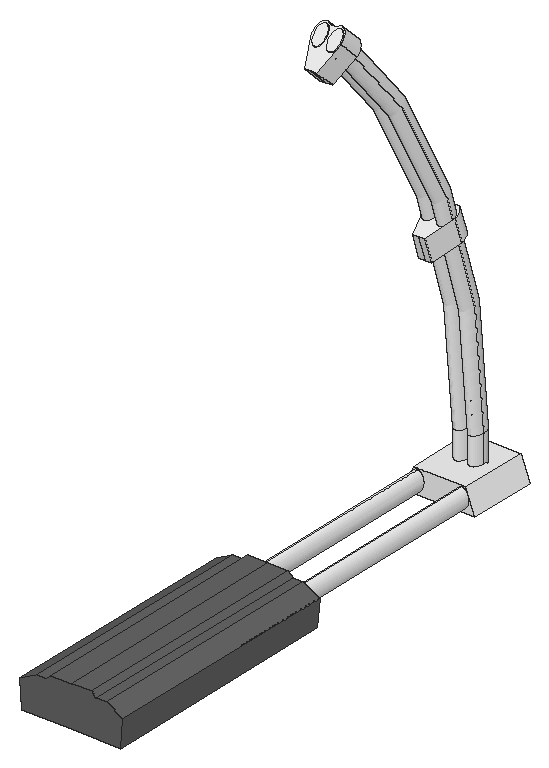
Revit family "LWplc_Latchwaysplc_BaluAndGuardSym_VersiRail_Freestanding", category Railings, host Face, Revit 2013
Parameters (values of type "BalustradeAndGuardingSystem_VersiRailFreestanding_Curved_Latchwaysplc")
  WarrantyStartDate [instance] = "1900-12-31T23:59:59"
  WarrantyGuarantorParts = "n/a"
  WarrantyGuarantorLabor = "n/a"
  WarrantyDurationUnit = "year"
  WarrantyDurationParts = "n/a"
  WarrantyDurationLabor = "n/a"
  WarrantyDescription = "n/a"
  Version = "1"  # constant formula
  Uniclass2 = "Ss_25_15_60_05"
  URL = "www.latchways.com"
  Type Comments = "n/a"
  TagNumber [instance] = "n/a"
  SustainabilityPerformance = "n/a"
  Straight = no
  Size = "235 x 1310 x 1150 mm"
  Shape = "n/a"
  ServiceLifeDuration = "n/a"
  SerialNumber [instance] = "n/a"
  Revision = "n/a"
  ReplacementCost = "n/a"
  Reference = "n/a"
  RailMaterial = LWplc_Latchwaysplc_Aluminium_Polished
  RailAngle = 90.00°
  ProductInformation = "www.latchways.com/BIM/Latchways_FreestandingCurvedVersiRail_Datasheet.pdf"
  PostBaseGap [instance] = 10 mm
  NominalWidth = 253 mm
  NominalLength = 1310 mm
  NominalHeight = 1150 mm
  Name = "BalustradeAndGuardingSystem_VersiRailFreestanding_Curved_Latchwaysplc"
  NBSReference = "25-25-10/110"
  NBSNote = "n/a"
  NBSDescription = "Balustrade and guarding system"
  ModelReference = "VersiRail - Curved Freestanding assembly"
  ModelNumber = "22200-00+22080-01"
  Model = "22100-00+22080-00"
  Material = "Handrails & Uprights: Aluminium; Counterweight: Concrete filled HDPE with UV protection"
  ManufacturerURL = "www.latchways.com"
  ManufacturerName = "Latchways plc"
  Manufacturer = "info@latchways.com"
  Keynote = ""
  IsExternal = yes
  InstallationDate [instance] = "1900-12-31T23:59:59"
  Inclined = no
  IfcExportType = "IfcRailing"  # constant formula
  IfcExportAs = "GUARDRAIL"  # constant formula
  Height = 1150 mm
  Grade = "n/a"
  Finish = "n/a"
  Features = "n/a"
  ExpectedLife = "n/a"
  DurationUnit = "year"
  Diameter = 40 mm
  Description = "Latchways ManSafe® for Roofing, using VersiRail"
  Default Elevation = 1219.2 mm
  Curved = yes
  CounterWeightMaterial = LWplc_Latchwaysplc_Plastic_VersiRailWeight
  Constituents = "n/a"
  Color = "n/a"
  CodePerformance = "n/a"
  Category = "n/a"
  BasePlateMaterial = LWplc_Latchwaysplc_Aluminium_Polished
  BarCode [instance] = "n/a"
  BIMObjectName = "LWplc_Latchwaysplc_BalustradeAndGuardingSystem_VersiRailFreestanding_Curved"
  Author = "Latchways plc"  # constant formula
  AssetType = "Movable"
  AssetIdentifier [instance] = "n/a"
  AccessibilityPerformance = "n/a"
Types (4, lengths in mm): name | Straight | ProductInformation | Name | ModelReference | ModelNumber | Inclined | Curved | BIMObjectName
  (no name) | no | "www.latchways.com/BIM/Latchways_FreestandingCurvedVersiRail_Datasheet.pdf" | "BalustradeAndGuardingSystem_VersiRailFreestanding_Curved_Latchwaysplc" | "VersiRail - Curved Freestanding assembly" | "22200-00+22080-01" | no | yes | "LWplc_Latchwaysplc_BalustradeAndGuardingSystem_VersiRailFreestanding_Curved"
  BalustradeAndGuardingSystem_VersiRailFreestanding_Straight_Latchwaysplc | yes | "www.latchways.com/BIM/Latchways_FreestandingStraightVersiRail_Datasheet.pdf" | "BalustradeAndGuardingSystem_VersiRailFreestanding_Straight_Latchwaysplc" | "VersiRail - Straight Freestanding assembly" | "22000-00+22080-01" | no | no | "LWplc_Latchwaysplc_BalustradeAndGuardingSystem_VersiRailFreestanding_Straight"
  BalustradeAndGuardingSystem_VersiRailFreestanding_Inclined_Latchwaysplc | no | "www.latchways.com/BIM/Latchways_FreestandingInclinedVersiRail_Datasheet.pdf" | "BalustradeAndGuardingSystem_VersiRailFreestanding_Inclined_Latchwaysplc" | "VersiRail - Inclined Freestanding assembly" | "22100-00+22080-01" | yes | no | "LWplc_Latchwaysplc_BalustradeAndGuardingSystem_VersiRailFreestanding_Inclined"
  BalustradeAndGuardingSystem_VersiRailFreestanding_Curved_Latchwaysplc | no | "www.latchways.com/BIM/Latchways_FreestandingCurvedVersiRail_Datasheet.pdf" | "BalustradeAndGuardingSystem_VersiRailFreestanding_Curved_Latchwaysplc" | "VersiRail - Curved Freestanding assembly" | "22200-00+22080-01" | no | yes | "LWplc_Latchwaysplc_BalustradeAndGuardingSystem_VersiRailFreestanding_Curved"
Reference planes
  plane 1 "Center (Front/Back)": y = 0
  plane 2: z = 0
  plane 3 "Center (Left/Right)": x = 0
Lines and regions (mm)
  reference lines
    curve 1: line (0, 0, 0) -> (0, 0, 58.3)
    curve 2: line (0, 0, 0) -> (0, 0, 1160)
Dimensions and locks
  "RailAngle": angle level to curve 2
  aligned and locked: plane 2 to host face
  aligned and locked: level to host face
Automatic sketch dimensions
  host sketch curve to host sketch curve = 2438.4 mm
  host sketch curve to host sketch curve = 3252.438 mm
  curve 1 to plane 1 "Center (Front/Back)" = 0 mm
  curve 1 to level = 0 mm
  curve 1 to curve 1 = 58.3 mm
  curve 2 to curve 1 = 0 mm  (x2)
Nested families
  nested 1: "LWplc_VersiRail_BasePlate" at (0, 0, 0), type "LWplc_VersiRail_BasePlate"
  nested 2: "LWplc_VersiRail_CounterWeight" at (0, -617.5, 0), type "LWplc_VersiRail_CounterWeight"
  nested 3: "LWplc_VersiRail_StraightUpright" at (0, -20, 0), PostBaseGap <- "PostBaseGap", visible <- "Straight", type "LWplc_VersiRail_StraightUpright"
    with PostBaseGap 10 mm
  nested 4: "LWplc_VersiRail_InclinedUpright" at (0.625, 26.256, 0) x (-1, 0, 0) z (0, 0, 1), visible <- "Inclined", type "LWplc_VersiRail_InclinedUpright"
    with PostBaseGap 10 mm
  nested 5: "LWplc_VersiRail_CurvedUpright" at (-0.156, 4.375, 0) x (-1, 0, 0) z (0, 0, 1), visible <- "Curved", type "LWplc_VersiRail_CurvedUpright"
    with PostBaseGap 10 mm
Definition of nested family "LWplc_VersiRail_BasePlate"
  Parameters (values of type "LWplc_VersiRail_BasePlate")
    Default Elevation = 1219.2 mm
    BasePlateMaterial = LWplc_Latchwaysplc_Aluminium_Polished
  Reference planes
    plane 1 "Center (Front/Back)": y = 0
    plane 2: z = 0
    plane 3 "Center (Left/Right)": x = 0
    plane 4: x = -86
    plane 5: x = 86
    plane 6: y = -92.5
    plane 7: y = 92.5
    plane 8: y = 74.7
    plane 9: x = 35.5
    plane 10: x = -35.5
    plane 11: x = -54.8
    plane 12: x = 54.8
    plane 13: z = 58.3
    plane 14: z = 55
  Forms (mm)
    Extrusion 1, solid
      sketch origin (0, 0, 0) x (1, 0, 0) y (0, 1, 0)
        loop
          line (-1219.2, 1219.2) -> (-1219.2, -1219.2) -> (1219.2, -1219.2) -> (1219.2, 1219.2) -> (-1219.2, 1219.2)
      from 0 to -304.8
    Blend 2, solid, material "LWplc_Latchwaysplc_Aluminium_Polished" <- "BasePlateMaterial"
      base sketch origin (0, 0, 0) x (1, 0, 0) y (0, 1, 0)
        loop
          line (-86, 74.7) -> (-86, -92.5) -> (86, -92.5) -> (86, 74.7) -> (35.5, 92.5) -> (-35.5, 92.5) -> (-86, 74.7)
      top sketch origin (0, 0, 0) x (1, 0, 0) y (0, 1, 0)
        loop
          line (64.5, -92.5) -> (64.5, 74.7) -> (-64.5, 74.7) -> (-64.5, -92.5) -> (64.5, -92.5)
      from 0 to 58.3
    Extrusion 3, solid, material "LWplc_Latchwaysplc_Aluminium_Polished" <- "BasePlateMaterial"
      sketch origin (-0.1, 0, 2) x (1, 0, 0) y (0, 0, 1)
        loop
          spline (-54.7, 53) -> (-58.505, 52.182) -> (-62.05, 49.785) -> (-65.094, 45.971) -> (-67.431, 41) -> (-68.899, 35.212) -> (-69.4, 29) -> (-68.899, 22.788) -> (-67.431, 17) -> (-65.094, 12.029) -> (-62.05, 8.215) -> (-58.505, 5.818) -> (-54.7, 5)
          spline (-54.7, 5) -> (-50.895, 5.818) -> (-47.35, 8.215) -> (-44.306, 12.029) -> (-41.969, 17) -> (-40.501, 22.788) -> (-40, 29) -> (-40.501, 35.212) -> (-41.969, 41) -> (-44.306, 45.971) -> (-47.35, 49.785) -> (-50.895, 52.182) -> (-54.7, 53)
        loop
          spline (54.9, 53) -> (51.095, 52.182) -> (47.55, 49.785) -> (44.506, 45.971) -> (42.169, 41) -> (40.701, 35.212) -> (40.2, 29) -> (40.701, 22.788) -> (42.169, 17) -> (44.506, 12.029) -> (47.55, 8.215) -> (51.095, 5.818) -> (54.9, 5)
          spline (54.9, 5) -> (58.705, 5.818) -> (62.25, 8.215) -> (65.294, 12.029) -> (67.631, 17) -> (69.099, 22.788) -> (69.6, 29) -> (69.099, 35.212) -> (67.631, 41) -> (65.294, 45.971) -> (62.25, 49.785) -> (58.705, 52.182) -> (54.9, 53)
      from 92.5 to 946
  Dimensions and locks
    aligned and locked: plane 2 to Extrusion 1
    aligned and locked: level to Extrusion 1
    aligned and locked: Blend 2 sketch curve to plane 5
    aligned and locked: plane 6 to Blend 2 sketch curve  (x2)
    aligned and locked: plane 4 to Blend 2 sketch curve
    aligned and locked: Blend 2 sketch curve to plane 7
    aligned and locked: Blend 2 sketch curve to plane 8
    aligned and locked: plane 13 to Blend 2
    aligned and locked: Extrusion 3 to Blend 2
Definition of nested family "LWplc_VersiRail_CounterWeight"
  Parameters (values of type "LWplc_VersiRail_CounterWeight")
    Default Elevation = 1219.2 mm
    CounterWeightWidth = 252 mm
    CounterWeightMaterial = LWplc_Latchwaysplc_Plastic_VersiRailWeight
    CounterWeightLength = 600 mm
    CounterWeightHeight = 100 mm
  Reference planes
    plane 1 "Center (Front/Back)": y = 0
    plane 2: z = 0
    plane 3 "Center (Left/Right)": x = 0
    plane 4: y = -600
    plane 5: x = -126
    plane 6: x = 126
    plane 7: x = -85.5
    plane 8: x = 85.5
    plane 9: x = -60.6
    plane 10: x = 60.6
    plane 11: x = -49.5
    plane 12: x = 49.5
    plane 13: z = 66.8
    plane 14: z = 88.9
    plane 15: z = 100
  Forms (mm)
    Extrusion 1, solid
      sketch origin (0, 0, 0) x (1, 0, 0) y (0, 1, 0)
        loop
          line (-1219.2, 1219.2) -> (-1219.2, -1219.2) -> (1219.2, -1219.2) -> (1219.2, 1219.2) -> (-1219.2, 1219.2)
      from 0 to -304.8
    Extrusion 2, solid, material "LWplc_Latchwaysplc_Plastic_VersiRailWeight" <- "CounterWeightMaterial", detail levels medium+fine
      sketch origin (0, 0, 0) x (1, 0, 0) y (0, 0, 1)
        loop
          line (0, 0) -> (120.3, 0) -> (126, 66.8) -> (85.5, 88.9) -> (60.6, 88.9) -> (49.5, 100) -> (0, 100) -> (-49.5, 100) -> (-60.6, 88.9) -> (-85.5, 88.9) -> (-126, 66.8) -> (-120.3, 0) -> (0, 0)
      from 0 to 600
    Extrusion 3, solid, material "LWplc_Latchwaysplc_Plastic_VersiRailWeight" <- "CounterWeightMaterial", detail levels coarse
      sketch origin (0, 0, 0) x (1, 0, 0) y (0, 0, 1)
        loop
          line (-126, 100) -> (-126, 0) -> (126, 0) -> (126, 100) -> (-126, 100)
      from 0 to 600
  Lines and regions (mm)
    model lines, detail levels fine
      curve 1: circle (0, -43.7, 100) r 25 normal (0, 0, 1)
      curve 2: circle (0, -143.7, 100) r 25 normal (0, 0, 1)
  Dimensions and locks
    "CounterWeightLength": plane 1 "Center (Front/Back)" to plane 4
    equal spacing: plane 5, plane 3 "Center (Left/Right)", plane 6
    "CounterWeightWidth": plane 6 to plane 5
    locked: plane 15 to plane 14 at 11.1
    "CounterWeightHeight": plane 15 to plane 2
    locked: plane 14 to plane 13 at 22.1
    aligned and locked: plane 2 to Extrusion 1
    aligned and locked: level to Extrusion 1
    aligned and locked: Extrusion 2 to plane 4
    aligned and locked: plane 15 to Extrusion 2
    aligned and locked: plane 5 to Extrusion 2 sketch curve
    aligned and locked: plane 6 to Extrusion 2 sketch curve
    aligned and locked: plane 14 to Extrusion 2  (x2)
    aligned and locked: Extrusion 3 sketch curve to plane 15
    aligned and locked: plane 5 to Extrusion 3 sketch curve
    aligned and locked: level to Extrusion 3 sketch curve
    aligned and locked: plane 6 to Extrusion 3 sketch curve
    aligned and locked: Extrusion 3 to plane 1 "Center (Front/Back)"
    aligned and locked: Extrusion 3 to plane 4
  Automatic sketch dimensions
    Extrusion 1 sketch curve to Extrusion 1 sketch curve = 2438.4 mm  (x2)
    Extrusion 2 sketch curve to level = 0 mm
    Extrusion 2 sketch curve to plane 7 = 0 mm
    plane 9 to Extrusion 2 sketch curve = 0 mm
    Extrusion 2 sketch curve to plane 11 = 0 mm
    Extrusion 2 sketch curve to plane 3 "Center (Left/Right)" = 0 mm  (x2)
    plane 12 to Extrusion 2 sketch curve = 0 mm
    Extrusion 2 sketch curve to plane 10 = 0 mm
    plane 8 to Extrusion 2 sketch curve = 0 mm
    Extrusion 2 sketch curve to plane 13 = 0 mm  (x2)
    Extrusion 2 sketch curve to plane 14 = 0 mm  (x2)
    Extrusion 2 sketch curve to plane 15 = 0 mm
    plane 5 to Extrusion 2 sketch curve = 5.7 mm
    plane 6 to Extrusion 2 sketch curve = 5.7 mm
    curve 1 to Extrusion 2 = 0 mm
    curve 2 to Extrusion 2 = 0 mm
    Extrusion 2 to curve 1 = 43.7 mm
    curve 1 to curve 2 = 100 mm
    radius of curve 1 = 25 mm
    radius of curve 2 = 25 mm
Definition of nested family "LWplc_VersiRail_StraightUpright"
  Parameters (values of type "LWplc_VersiRail_StraightUpright")
    RailMaterial = LWplc_Latchwaysplc_Aluminium_Polished
    PostBaseGap [instance] = 10 mm
    Heightof Post = 1150 mm
    Default Elevation = 1219.2 mm
  Reference planes
    plane 1 "Center (Front/Back)": y = 0
    plane 2: z = 0
    plane 3 "Center (Left/Right)": x = 0
    plane 4: z = 10
    plane 5: z = 1160
    plane 6: z = 1095
    plane 7: z = 655
    plane 8: z = 590
    plane 9: z = 1050
    plane 10: z = 622.5
    plane 11: y = -26.25
    plane 12: z = 1127.5
  Forms (mm)
    Extrusion 1, solid
      sketch origin (0, 0, 0) x (1, 0, 0) y (0, 1, 0)
        loop
          line (-1219.2, 1219.2) -> (-1219.2, -1219.2) -> (1219.2, -1219.2) -> (1219.2, 1219.2) -> (-1219.2, 1219.2)
      from 0 to -304.8
    Extrusion 2, solid, material "LWplc_Latchwaysplc_Aluminium_Polished" <- "RailMaterial", detail levels medium+fine
      sketch origin (0, 108.1, 590) x (1, 0, 0) y (0, 1, 0)
        loop
          line (0, -160) -> (15, -160) -> (36.16, -90.929)
          spline (36.16, -90.929) -> (36.327, -85.309) -> (35.805, -79.744) -> (34.612, -74.442) -> (32.795, -69.604) -> (30.42, -65.412) -> (27.579, -62.024) -> (24.376, -59.566) -> (20.934, -58.132) -> (17.382, -57.775) -> (13.852, -58.509) -> (10.479, -60.307) -> (7.389, -63.1)
          line (7.389, -63.1) -> (-7.389, -63.1)
          spline (-7.389, -63.1) -> (-10.479, -60.307) -> (-13.852, -58.509) -> (-17.382, -57.775) -> (-20.934, -58.132) -> (-24.376, -59.566) -> (-27.579, -62.024) -> (-30.42, -65.412) -> (-32.795, -69.604) -> (-34.612, -74.442) -> (-35.805, -79.744) -> (-36.327, -85.309) -> (-36.16, -90.929)
          line (-36.16, -90.929) -> (-15, -160) -> (0, -160)
      from 0 to 65
    Extrusion 3, solid, material "LWplc_Latchwaysplc_Aluminium_Polished" <- "RailMaterial"
      sketch origin (0, -2.821, 0) x (1, 0, 0) y (0, 1, 0)
        loop
          spline (-32.35, 24.159) -> (-31.861, 17.688) -> (-30.428, 11.659) -> (-28.147, 6.481) -> (-25.175, 2.508) -> (-21.714, 0.011) -> (-18, -0.841) -> (-14.286, 0.011) -> (-10.825, 2.508) -> (-7.853, 6.481) -> (-5.573, 11.659) -> (-4.139, 17.688) -> (-3.65, 24.159)
          spline (-3.65, 24.159) -> (-4.139, 30.629) -> (-5.573, 36.659) -> (-7.853, 41.837) -> (-10.825, 45.81) -> (-14.286, 48.307) -> (-18, 49.159) -> (-21.714, 48.307) -> (-25.175, 45.81) -> (-28.147, 41.837) -> (-30.428, 36.659) -> (-31.861, 30.629) -> (-32.35, 24.159)
        loop
          spline (32.35, 24.159) -> (31.861, 30.629) -> (30.428, 36.659) -> (28.147, 41.837) -> (25.175, 45.81) -> (21.714, 48.307) -> (18, 49.159) -> (14.286, 48.307) -> (10.825, 45.81) -> (7.853, 41.837) -> (5.573, 36.659) -> (4.139, 30.629) -> (3.65, 24.159)
          spline (3.65, 24.159) -> (4.139, 17.688) -> (5.573, 11.659) -> (7.853, 6.481) -> (10.825, 2.508) -> (14.286, 0.011) -> (18, -0.841) -> (21.714, 0.011) -> (25.175, 2.508) -> (28.147, 6.481) -> (30.428, 11.659) -> (31.861, 17.688) -> (32.35, 24.159)
      from 10 to 1160
    Extrusion 4, solid, material "LWplc_Latchwaysplc_Aluminium_Polished" <- "RailMaterial", detail levels medium+fine
      sketch origin (0, 108.1, 1090) x (1, 0, 0) y (0, 1, 0)
        loop
          line (0, -160) -> (15, -160) -> (36.16, -90.929)
          spline (36.16, -90.929) -> (36.327, -85.309) -> (35.805, -79.744) -> (34.612, -74.442) -> (32.795, -69.604) -> (30.42, -65.412) -> (27.579, -62.024) -> (24.376, -59.566) -> (20.934, -58.132) -> (17.382, -57.775) -> (13.852, -58.509) -> (10.479, -60.307) -> (7.389, -63.1)
          line (7.389, -63.1) -> (-7.389, -63.1)
          spline (-7.389, -63.1) -> (-10.479, -60.307) -> (-13.852, -58.509) -> (-17.382, -57.775) -> (-20.934, -58.132) -> (-24.376, -59.566) -> (-27.579, -62.024) -> (-30.42, -65.412) -> (-32.795, -69.604) -> (-34.612, -74.442) -> (-35.805, -79.744) -> (-36.327, -85.309) -> (-36.16, -90.929)
          line (-36.16, -90.929) -> (-15, -160) -> (0, -160)
      from 5 to 70
  Lines and regions (mm)
    model lines, detail levels coarse
      curve 1: circle (0, -26.25, 622.5) r 20 normal (1, 0, 0)
      curve 2: circle (0, -26.25, 1127.5) r 20 normal (1, 0, 0)
  Dimensions and locks
    locked: plane 7 to plane 8 at 65
    "Heightof Post": plane 5 to plane 4
    locked: plane 5 to plane 6 at 65
    "PostBaseGap": plane 4 to plane 2
    locked: plane 10 to plane 7 at 32.5
    locked: plane 1 "Center (Front/Back)" to plane 11 at 26.25
    locked: plane 5 to plane 12 at 32.5
    aligned and locked: plane 2 to Extrusion 1
    aligned and locked: level to Extrusion 1
    aligned and locked: Extrusion 3 to plane 4
    aligned and locked: plane 5 to Extrusion 3
    aligned and locked: plane 7 to Extrusion 2
    aligned and locked: Extrusion 2 to plane 8
    aligned and locked: Extrusion 4 to Extrusion 3
    aligned and locked: Extrusion 4 to plane 6
    aligned and locked: plane 5 to Extrusion 4
    aligned and locked: plane 10 to curve 1
    aligned and locked: plane 11 to curve 1
    aligned and locked: plane 12 to curve 2
    aligned and locked: plane 11 to curve 2
  Automatic sketch dimensions
    Extrusion 1 sketch curve to Extrusion 1 sketch curve = 2438.4 mm  (x2)
    Extrusion 2 sketch curve to plane 3 "Center (Left/Right)" = 0 mm
    plane 11 to Extrusion 2 sketch curve = 25.65 mm
    Extrusion 2 sketch curve to plane 3 "Center (Left/Right)" = 7.389 mm
    Extrusion 2 sketch curve to plane 3 "Center (Left/Right)" = 15 mm
    Extrusion 2 sketch curve to plane 3 "Center (Left/Right)" = 36.16 mm
    plane 3 "Center (Left/Right)" to Extrusion 2 sketch curve = 7.389 mm
    Extrusion 2 sketch curve to Extrusion 2 sketch curve = 15 mm
    plane 3 "Center (Left/Right)" to Extrusion 2 sketch curve = 36.16 mm
    Extrusion 2 sketch curve to plane 3 "Center (Left/Right)" = 18 mm
    Extrusion 2 sketch curve to plane 3 "Center (Left/Right)" = 0.35 mm
    plane 3 "Center (Left/Right)" to Extrusion 2 sketch curve = 0.35 mm
    Extrusion 2 sketch curve to Extrusion 2 sketch curve = 17.65 mm
    Extrusion 2 sketch curve to plane 1 "Center (Front/Back)" = 17.171 mm  (x2)
    Extrusion 2 sketch curve to Extrusion 2 sketch curve = 27.829 mm
    Extrusion 3 sketch curve to plane 3 "Center (Left/Right)" = 32.35 mm
    Extrusion 3 sketch curve to Extrusion 3 sketch curve = 14.35 mm  (x2)
    plane 3 "Center (Left/Right)" to Extrusion 3 sketch curve = 3.65 mm
    Extrusion 3 sketch curve to plane 1 "Center (Front/Back)" = 21.338 mm  (x2)
    Extrusion 4 sketch curve to plane 3 "Center (Left/Right)" = 0 mm
    plane 11 to Extrusion 4 sketch curve = 25.65 mm
    Extrusion 4 sketch curve to plane 3 "Center (Left/Right)" = 7.389 mm
    Extrusion 4 sketch curve to plane 3 "Center (Left/Right)" = 15 mm
    Extrusion 4 sketch curve to plane 3 "Center (Left/Right)" = 36.16 mm
    plane 3 "Center (Left/Right)" to Extrusion 4 sketch curve = 7.389 mm
    Extrusion 4 sketch curve to Extrusion 4 sketch curve = 15 mm
    plane 3 "Center (Left/Right)" to Extrusion 4 sketch curve = 36.16 mm
    Extrusion 4 sketch curve to plane 3 "Center (Left/Right)" = 18 mm
    Extrusion 4 sketch curve to plane 3 "Center (Left/Right)" = 0.35 mm
    plane 3 "Center (Left/Right)" to Extrusion 4 sketch curve = 0.35 mm
    Extrusion 4 sketch curve to Extrusion 4 sketch curve = 17.65 mm
    Extrusion 4 sketch curve to plane 1 "Center (Front/Back)" = 17.171 mm  (x2)
    Extrusion 4 sketch curve to Extrusion 4 sketch curve = 27.829 mm
    radius of curve 1 = 20 mm
    radius of curve 2 = 20 mm
Definition of nested family "LWplc_VersiRail_InclinedUpright"
  Parameters (values of type "LWplc_VersiRail_InclinedUpright")
    RailMaterial = LWplc_Latchwaysplc_Aluminium_Polished
    PostExtention = Heightof Post - 640 mm  # 510 mm
    PostBaseGap [instance] = 10 mm
    Heightof Post = 1150 mm
    Default Elevation = 1150 mm
  Reference planes
    plane 1 "Center (Front/Back)": y = 0
    plane 2: z = 0
    plane 3 "Center (Left/Right)": x = 0
    plane 4: z = 10
  Forms (mm)
    Extrusion 1, solid
      sketch origin (0, 0, 0) x (1, 0, 0) y (0, 1, 0)
        loop
          line (-1219.2, 1219.2) -> (-1219.2, -1219.2) -> (1219.2, -1219.2) -> (1219.2, 1219.2) -> (-1219.2, 1219.2)
      from 0 to -304.8
    Sweep 2, solid, material "LWplc_Latchwaysplc_Aluminium_Polished" <- "RailMaterial"
      path origin (0.683, 0.704, 0) x (0, 1, 0) y (0, 0, 1)
        loop
          line (0, 10) -> (0, 124)
          arc (0, 124) -> (25.09, 396.969) -> (99.52, 660.791) r 1497.436
          line (99.52, 660.791) -> (307.434, 1126.486)
      profile origin (0.683, 0.704, 67) x (0, -1, 0) y (1, 0, 0)
        loop
          spline (-24.159, -32.35) -> (-17.688, -31.861) -> (-11.659, -30.428) -> (-6.481, -28.147) -> (-2.508, -25.175) -> (-0.011, -21.714) -> (0.841, -18) -> (-0.011, -14.286) -> (-2.508, -10.825) -> (-6.481, -7.853) -> (-11.659, -5.573) -> (-17.688, -4.139) -> (-24.159, -3.65)
          spline (-24.159, -3.65) -> (-30.629, -4.139) -> (-36.659, -5.573) -> (-41.837, -7.853) -> (-45.81, -10.825) -> (-48.307, -14.286) -> (-49.159, -18) -> (-48.307, -21.714) -> (-45.81, -25.175) -> (-41.837, -28.147) -> (-36.659, -30.428) -> (-30.629, -31.861) -> (-24.159, -32.35)
        loop
          spline (-24.159, 32.35) -> (-30.629, 31.861) -> (-36.659, 30.428) -> (-41.837, 28.147) -> (-45.81, 25.175) -> (-48.307, 21.714) -> (-49.159, 18) -> (-48.307, 14.286) -> (-45.81, 10.825) -> (-41.837, 7.853) -> (-36.659, 5.573) -> (-30.629, 4.139) -> (-24.159, 3.65)
          spline (-24.159, 3.65) -> (-17.688, 4.139) -> (-11.659, 5.573) -> (-6.481, 7.853) -> (-2.508, 10.825) -> (-0.011, 14.286) -> (0.841, 18) -> (-0.011, 21.714) -> (-2.508, 25.175) -> (-6.481, 28.147) -> (-11.659, 30.428) -> (-17.688, 31.861) -> (-24.159, 32.35)
    Extrusion 3, solid, material "LWplc_Latchwaysplc_Aluminium_Polished" <- "RailMaterial", detail levels medium+fine
      sketch origin (0.683, 12.313, 602.504) x (1, 0, 0) y (0, 0.945519, -0.325568)
        loop
          line (0, 160) -> (-15, 160) -> (-36.16, 90.929)
          spline (-36.16, 90.929) -> (-36.327, 85.309) -> (-35.805, 79.744) -> (-34.612, 74.442) -> (-32.795, 69.604) -> (-30.42, 65.412) -> (-27.579, 62.024) -> (-24.376, 59.566) -> (-20.934, 58.132) -> (-17.382, 57.775) -> (-13.852, 58.509) -> (-10.479, 60.307) -> (-7.389, 63.1)
          line (-7.389, 63.1) -> (7.389, 63.1)
          spline (7.389, 63.1) -> (10.479, 60.307) -> (13.852, 58.509) -> (17.382, 57.775) -> (20.934, 58.132) -> (24.376, 59.566) -> (27.579, 62.024) -> (30.42, 65.412) -> (32.795, 69.604) -> (34.612, 74.442) -> (35.805, 79.744) -> (36.327, 85.309) -> (36.16, 90.929)
          line (36.16, 90.929) -> (15, 160) -> (0, 160)
      from 0 to 65
    Extrusion 4, solid, material "LWplc_Latchwaysplc_Aluminium_Polished" <- "RailMaterial", detail levels medium+fine
      sketch origin (-6.967, 323.906, 1119.446) x (1, 0, 0) y (0, 0.913127, -0.407676)
        loop
          line (7.262, 78.799) -> (-7.738, 78.799) -> (-28.898, 9.729)
          spline (-28.898, 9.729) -> (-29.066, 4.109) -> (-28.543, -1.457) -> (-27.351, -6.758) -> (-25.533, -11.596) -> (-23.159, -15.788) -> (-20.317, -19.177) -> (-17.115, -21.634) -> (-13.673, -23.069) -> (-10.12, -23.425) -> (-6.591, -22.691) -> (-3.217, -20.894) -> (-0.127, -18.101)
          line (-0.127, -18.101) -> (14.65, -18.101)
          spline (14.65, -18.101) -> (17.741, -20.894) -> (21.114, -22.691) -> (24.643, -23.425) -> (28.196, -23.069) -> (31.638, -21.634) -> (34.84, -19.177) -> (37.682, -15.788) -> (40.056, -11.596) -> (41.874, -6.758) -> (43.066, -1.457) -> (43.589, 4.109) -> (43.421, 9.729)
          line (43.421, 9.729) -> (22.262, 78.799) -> (7.262, 78.799)
      from 0 to -65
  Lines and regions (mm)
    model lines, detail levels coarse
      curve 1: circle (0, 361.015, 1067.805) r 20 normal (1, 0, 0)
      curve 2: circle (0, 153.399, 588.391) r 20 normal (1, 0, 0)
  Dimensions and locks
    "PostExtention": Sweep 2 sketch curve to Sweep 2 sketch curve
    locked: Extrusion 4 to curve 1 at 32.027
    locked: Extrusion 4 to curve 1 at 23.861
    locked: Extrusion 3 to curve 2 at 22.006
    locked: Extrusion 3 to curve 2 at 32.588
    locked: Sweep 2 sketch curve to level (angle 65.9411°)
    aligned and locked: plane 2 to Extrusion 1
    aligned and locked: level to Extrusion 1
  Automatic sketch dimensions
    Extrusion 1 sketch curve to Extrusion 1 sketch curve = 2438.4 mm  (x2)
    profile plane to Sweep 2 sketch curve = 24.159 mm
    Sweep 2 sketch curve to Sweep 2 sketch curve = 0 mm
    Sweep 2 sketch curve to profile plane = 32.35 mm
    Sweep 2 sketch curve to Sweep 2 sketch curve = 14.35 mm  (x2)
    profile plane to Sweep 2 sketch curve = 3.65 mm
    Extrusion 3 sketch curve to plane 3 "Center (Left/Right)" = 35.477 mm
    plane 3 "Center (Left/Right)" to Extrusion 3 sketch curve = 8.072 mm
    Extrusion 3 sketch curve to plane 3 "Center (Left/Right)" = 6.706 mm
    plane 3 "Center (Left/Right)" to Extrusion 3 sketch curve = 36.843 mm
    Extrusion 3 sketch curve to plane 3 "Center (Left/Right)" = 14.317 mm
    plane 3 "Center (Left/Right)" to Extrusion 3 sketch curve = 15.683 mm
    plane 3 "Center (Left/Right)" to Extrusion 3 sketch curve = 0.683 mm
    Extrusion 3 sketch curve to plane 3 "Center (Left/Right)" = 17.317 mm
    plane 3 "Center (Left/Right)" to Extrusion 3 sketch curve = 0.333 mm
    Extrusion 3 sketch curve to Extrusion 3 sketch curve = 0.7 mm
    Extrusion 3 sketch curve to Extrusion 3 sketch curve = 17.65 mm
    Extrusion 3 sketch curve to Extrusion 3 sketch curve = 27.829 mm
    Extrusion 3 sketch curve to Extrusion 3 sketch curve = 4.167 mm
    Extrusion 3 sketch curve to Extrusion 3 sketch curve = 69.071 mm
    Extrusion 4 sketch curve to Extrusion 4 sketch curve = 21.16 mm
    Extrusion 4 sketch curve to Extrusion 4 sketch curve = 28.771 mm  (x2)
    Extrusion 4 sketch curve to Extrusion 4 sketch curve = 15 mm  (x2)
    Extrusion 4 sketch curve to Extrusion 4 sketch curve = 14.778 mm
    Extrusion 4 sketch curve to Extrusion 4 sketch curve = 18.16 mm
    Extrusion 4 sketch curve to Extrusion 4 sketch curve = 17.65 mm  (x2)
    Extrusion 4 sketch curve to Extrusion 4 sketch curve = 0.7 mm
    Extrusion 4 sketch curve to Extrusion 4 sketch curve = 27.829 mm
    Extrusion 4 sketch curve to Extrusion 4 sketch curve = 4.167 mm
    Extrusion 4 sketch curve to Extrusion 4 sketch curve = 69.071 mm
    Sweep 2 sketch curve to plane 1 "Center (Front/Back)" = 0.704 mm
    plane 4 to Sweep 2 sketch curve = 114 mm
    Sweep 2 sketch curve to plane 4 = 0 mm
    Sweep 2 sketch curve to plane 1 "Center (Front/Back)" = 100.224 mm
    Sweep 2 sketch curve to Sweep 2 sketch curve = 1497.436 mm
    radius of curve 1 = 20 mm
    radius of curve 2 = 20 mm
Definition of nested family "LWplc_VersiRail_CurvedUpright"
  Parameters (values of type "LWplc_VersiRail_CurvedUpright")
    RailMaterial = LWplc_Latchwaysplc_Aluminium_Polished
    RadiusofPost = Heightof Post + 344 mm  # 1494 mm
    PostBaseGap [instance] = 10 mm
    Heightof Post = 1150 mm
    Default Elevation = 1219.2 mm
  Reference planes
    plane 1 "Center (Front/Back)": y = 0
    plane 2: z = 0
    plane 3 "Center (Left/Right)": x = 0
    plane 4: z = 10
  Forms (mm)
    Extrusion 1, solid
      sketch origin (0, 0, 0) x (1, 0, 0) y (0, 1, 0)
        loop
          line (-1219.2, 1219.2) -> (-1219.2, -1219.2) -> (1219.2, -1219.2) -> (1219.2, 1219.2) -> (-1219.2, 1219.2)
      from 0 to -304.8
    Sweep 2, solid, material "LWplc_Latchwaysplc_Aluminium_Polished" <- "RailMaterial"
      path origin (-0.149, -45.183, 0) x (0, 1, 0) y (0, 0, 1)
        loop
          line (24.159, 10) -> (24.159, 125)
          arc (24.159, 125) -> (139.38, 700.33) -> (467.271, 1186.918) r 1494
      profile origin (-0.149, -21.024, 67.5) x (0, -1, 0) y (1, 0, 0)
        loop
          spline (-24.159, -32.35) -> (-17.688, -31.861) -> (-11.659, -30.428) -> (-6.481, -28.147) -> (-2.508, -25.175) -> (-0.011, -21.714) -> (0.841, -18) -> (-0.011, -14.286) -> (-2.508, -10.825) -> (-6.481, -7.853) -> (-11.659, -5.573) -> (-17.688, -4.139) -> (-24.159, -3.65)
          spline (-24.159, -3.65) -> (-30.629, -4.139) -> (-36.659, -5.573) -> (-41.837, -7.853) -> (-45.81, -10.825) -> (-48.307, -14.286) -> (-49.159, -18) -> (-48.307, -21.714) -> (-45.81, -25.175) -> (-41.837, -28.147) -> (-36.659, -30.428) -> (-30.629, -31.861) -> (-24.159, -32.35)
        loop
          spline (-24.159, 32.35) -> (-30.629, 31.861) -> (-36.659, 30.428) -> (-41.837, 28.147) -> (-45.81, 25.175) -> (-48.307, 21.714) -> (-49.159, 18) -> (-48.307, 14.286) -> (-45.81, 10.825) -> (-41.837, 7.853) -> (-36.659, 5.573) -> (-30.629, 4.139) -> (-24.159, 3.65)
          spline (-24.159, 3.65) -> (-17.688, 4.139) -> (-11.659, 5.573) -> (-6.481, 7.853) -> (-2.508, 10.825) -> (-0.011, 14.286) -> (0.841, 18) -> (-0.011, 21.714) -> (-2.508, 25.175) -> (-6.481, 28.147) -> (-11.659, 30.428) -> (-17.688, 31.861) -> (-24.159, 32.35)
    Extrusion 3, solid, material "LWplc_Latchwaysplc_Aluminium_Polished" <- "RailMaterial", detail levels medium+fine
      sketch origin (-0.149, -10.449, 602.504) x (1, 0, 0) y (0, 0.945519, -0.325568)
        loop
          line (0, 160) -> (-15, 160) -> (-36.16, 90.929)
          spline (-36.16, 90.929) -> (-36.327, 85.309) -> (-35.805, 79.744) -> (-34.612, 74.442) -> (-32.795, 69.604) -> (-30.42, 65.412) -> (-27.579, 62.024) -> (-24.376, 59.566) -> (-20.934, 58.132) -> (-17.382, 57.775) -> (-13.852, 58.509) -> (-10.479, 60.307) -> (-7.389, 63.1)
          line (-7.389, 63.1) -> (7.389, 63.1)
          spline (7.389, 63.1) -> (10.479, 60.307) -> (13.852, 58.509) -> (17.382, 57.775) -> (20.934, 58.132) -> (24.376, 59.566) -> (27.579, 62.024) -> (30.42, 65.412) -> (32.795, 69.604) -> (34.612, 74.442) -> (35.805, 79.744) -> (36.327, 85.309) -> (36.16, 90.929)
          line (36.16, 90.929) -> (15, 160) -> (0, 160)
      from 0 to 65
    Extrusion 4, solid, material "LWplc_Latchwaysplc_Aluminium_Polished" <- "RailMaterial", detail levels medium+fine
      sketch origin (-0.149, 349.822, 1259.942) x (1, 0, 0) y (0, 0.703406, -0.710788)
        loop
          line (0, 198.932) -> (-15, 198.932) -> (-36.16, 129.861)
          spline (-36.16, 129.861) -> (-36.327, 124.241) -> (-35.805, 118.676) -> (-34.612, 113.374) -> (-32.795, 108.536) -> (-30.42, 104.344) -> (-27.579, 100.956) -> (-24.376, 98.498) -> (-20.934, 97.064) -> (-17.382, 96.707) -> (-13.852, 97.442) -> (-10.479, 99.239) -> (-7.389, 102.032)
          line (-7.389, 102.032) -> (7.389, 102.032)
          spline (7.389, 102.032) -> (10.479, 99.239) -> (13.852, 97.442) -> (17.382, 96.707) -> (20.934, 97.064) -> (24.376, 98.498) -> (27.579, 100.956) -> (30.42, 104.344) -> (32.795, 108.536) -> (34.612, 113.374) -> (35.805, 118.676) -> (36.327, 124.241) -> (36.16, 129.861)
          line (36.16, 129.861) -> (15, 198.932) -> (0, 198.932)
      from -65 to 0
  Lines and regions (mm)
    model lines, detail levels coarse
      curve 1: circle (0, 449.976, 1112.31) r 20 normal (1, 0, 0)
      curve 2: circle (0, 128.651, 588.374) r 20 normal (1, 0, 0)
  Dimensions and locks
    locked: Extrusion 4 to Extrusion 4 at 65
    "PostBaseGap": plane 4 to plane 2
    locked: Extrusion 4 to curve 1 at 23.548
    locked: Extrusion 4 to curve 1 at 32.343
    locked: Extrusion 3 to curve 2 at 23.878
    locked: Extrusion 3 to curve 2 at 31.926
    "RadiusofPost": radius of Sweep 2 sketch curve
    locked: Sweep 2 sketch curve to Sweep 2 sketch curve (angle 45.2991°)
    aligned and locked: plane 2 to Extrusion 1
    aligned and locked: level to Extrusion 1
    aligned and locked: Extrusion 4 to Sweep 2
    aligned and locked: plane 4 to Sweep 2 sketch curve
  Automatic sketch dimensions
    Extrusion 1 sketch curve to Extrusion 1 sketch curve = 2438.4 mm  (x2)
    plane 1 "Center (Front/Back)" to Sweep 2 sketch curve = 21.024 mm
    plane 4 to Sweep 2 sketch curve = 115 mm
    profile plane to Sweep 2 sketch curve = 24.159 mm
    Sweep 2 sketch curve to Sweep 2 sketch curve = 0 mm
    Sweep 2 sketch curve to profile plane = 32.35 mm
    Sweep 2 sketch curve to Sweep 2 sketch curve = 14.35 mm  (x2)
    profile plane to Sweep 2 sketch curve = 3.65 mm
    Extrusion 3 sketch curve to plane 3 "Center (Left/Right)" = 36.309 mm
    plane 3 "Center (Left/Right)" to Extrusion 3 sketch curve = 7.24 mm
    Extrusion 3 sketch curve to plane 3 "Center (Left/Right)" = 7.538 mm
    plane 3 "Center (Left/Right)" to Extrusion 3 sketch curve = 36.011 mm
    Extrusion 3 sketch curve to plane 3 "Center (Left/Right)" = 15.149 mm
    plane 3 "Center (Left/Right)" to Extrusion 3 sketch curve = 14.851 mm
    Extrusion 3 sketch curve to plane 3 "Center (Left/Right)" = 0.149 mm
    Extrusion 3 sketch curve to plane 3 "Center (Left/Right)" = 18.149 mm
    Extrusion 3 sketch curve to plane 3 "Center (Left/Right)" = 0.499 mm
    plane 3 "Center (Left/Right)" to Extrusion 3 sketch curve = 0.201 mm
    Extrusion 3 sketch curve to Extrusion 3 sketch curve = 17.65 mm
    Extrusion 3 sketch curve to Extrusion 3 sketch curve = 27.829 mm
    Extrusion 3 sketch curve to Extrusion 3 sketch curve = 4.167 mm
    Extrusion 3 sketch curve to Extrusion 3 sketch curve = 69.071 mm
    Extrusion 4 sketch curve to Extrusion 4 sketch curve = 21.16 mm
    Extrusion 4 sketch curve to Extrusion 4 sketch curve = 28.771 mm  (x2)
    Extrusion 4 sketch curve to Extrusion 4 sketch curve = 15 mm  (x2)
    Extrusion 4 sketch curve to Extrusion 4 sketch curve = 14.778 mm
    Extrusion 4 sketch curve to Extrusion 4 sketch curve = 18.16 mm
    Extrusion 4 sketch curve to Extrusion 4 sketch curve = 17.65 mm  (x2)
    Extrusion 4 sketch curve to Extrusion 4 sketch curve = 0.7 mm
    Extrusion 4 sketch curve to Extrusion 4 sketch curve = 27.829 mm
    Extrusion 4 sketch curve to Extrusion 4 sketch curve = 4.167 mm
    Extrusion 4 sketch curve to Extrusion 4 sketch curve = 69.071 mm
    radius of curve 1 = 20 mm
    radius of curve 2 = 20 mm
